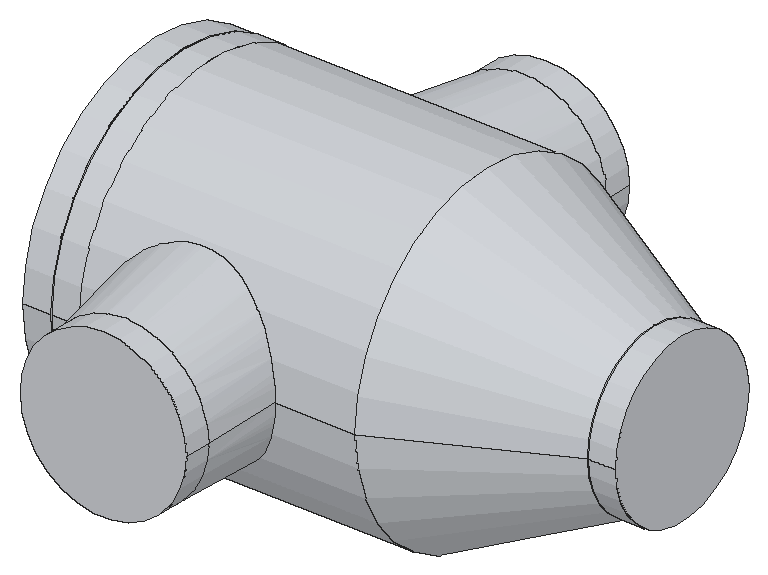
Revit family "M_Round Transition Low Loss Cross - 180 Degree - DTL", category Duct Fittings, Revit 2014
Parameters (values of type "Standard")
  Length 2 [instance] = if(Tap 2 Angle 1 < 90.00°, Tap 2 Base Center Radius / tan(Tap 2 Angle 1), if(Tap 2 Angle 1 = 90.00°, 0 mm, (Tap 2 Base Diameter - (Tap 2 Insertion Length 2 * sin(180.00° - Tap 2 Angle 1) + Tap 2 Radius)) / tan(180.00° - Tap 2 Angle 1)))  # 0 mm
  Length 1 [instance] = if(Tap 1 Angle 1 < 90.00°, Tap 1 Base Center Radius / tan(Tap 1 Angle 1), if(Tap 1 Angle 1 = 90.00°, 0 mm, (Tap 1 Base Diameter - (Tap 1 Insertion Length 2 * sin(180.00° - Tap 1 Angle 1) + Tap 1 Radius)) / tan(180.00° - Tap 1 Angle 1)))  # 0 mm
  Angle 2 [instance] = atan((Tap 2 Base Center Diameter - Tap 2 Base Diameter 1) / (Tap 2 Length 1 - Tap 2 Length))  # 11.3099°
  Angle 1 [instance] = atan((Tap 1 Base Center Diameter - Tap 1 Base Diameter 1) / (Tap 1 Length 1 - Tap 1 Length))  # 11.3099°
  Insertion Point Label [instance] = if(Tap 1 Insertion Length 1 > Tap 2 Insertion Length 1, (Tap 1 Insertion Length 1 - Tap 2 Insertion Length 1) / 2 + Tap 2 Insertion Length 1, (Tap 2 Insertion Length 1 - Tap 1 Insertion Length 1) / 2 + Tap 1 Insertion Length 1)  # 3353 mm
  Tap 2 Insertion Length 1 [instance] = Tap 2 Inset Label + Tap 2 Insertion Length 2 + Tap 2 Length 3 - 3048 mm + 3048 mm  # 3353 mm
  Tap 1 Insertion Length 1 [instance] = Tap 1 Inset Label + Tap 1 Insertion Length 2 + Tap 1 Length 3 - 3048 mm + 3048 mm  # 3353 mm
  Tap 2 Length [instance] = 150 mm
  Tap 2 Inset Label [instance] = 3048 mm + if(Tap 2 Angle 1 < 90.00°, Tap 2 Inset 1, if(Tap 2 Angle 1 = 90.00°, Tap 2 Inset 2, Tap 2 Inset 3))  # 3183 mm
  Tap 1 Inset Label [instance] = 3048 mm + if(Tap 1 Angle 1 < 90.00°, Tap 1 Inset 1, if(Tap 1 Angle 1 = 90.00°, Tap 1 Inset 2, Tap 1 Inset 3))  # 3183 mm
  Tap 2 Inset 3 [instance] = if(Tap 2 Angle 1 > 90.00°, (Tap 2 Base Diameter 1 - Tap 2 Base Center Radius) / sin(180.00° - Tap 2 Angle 1) + Body Radius 1 / tan(180.00° - Tap 2 Angle 1), 0 mm)  # 0 mm
  Tap 2 Inset 2 [instance] = if(Tap 2 Angle 1 = 90.00°, Tap 2 Base Diameter 1 - Tap 2 Base Center Radius, 0 mm)  # 135 mm
  Tap 2 Inset 1 [instance] = if(Tap 2 Angle 1 < 90.00°, Tap 2 Base Center Diameter / 2 * sin(Tap 2 Angle 1) + Tap 2 Base Center Diameter / 2 * cos(Tap 2 Angle 1) / tan(Tap 2 Angle 1 - Angle 2) - Body Radius 1 / tan(Tap 2 Angle 1 - Angle 2), 0 mm)  # 0 mm
  Tap 1 Inset 3 [instance] = if(Tap 1 Angle 1 > 90.00°, (Tap 1 Base Diameter 1 - Tap 1 Base Center Radius) / sin(180.00° - Tap 1 Angle 1) + Body Radius 1 / tan(180.00° - Tap 1 Angle 1), 0 mm)  # 0 mm
  Tap 1 Inset 2 [instance] = if(Tap 1 Angle 1 = 90.00°, Tap 1 Base Diameter 1 - Tap 1 Base Center Radius, 0 mm)  # 135 mm
  Tap 2 Inset [instance] = 25 mm
  Tap 2 Collar Length [instance] = 50 mm
  Tap 2 Insertion Length 2 [instance] = if(Tap 2 Angle 1 = 90.00°, Tap 2 Base Center Radius - Tap 2 Radius, abs(Tap 2 Horizontal Profile Offset) / sin(Tap 2 Angle 1))  # 45 mm
  Tap 2 Horizontal Profile Offset [instance] = -(Tap 2 Base Center Radius - Tap 2 Radius)  # -45 mm
  Tap 1 Horizontal Profile Offset [instance] = Tap 1 Base Center Radius - Tap 1 Radius  # 45 mm
  Tap 1 Inset 1 [instance] = if(Tap 1 Angle 1 < 90.00°, Tap 1 Base Center Diameter / 2 * sin(Tap 1 Angle 1) + Tap 1 Base Center Diameter / 2 * cos(Tap 1 Angle 1) / tan(Tap 1 Angle 1 - Angle 1) - Body Radius 1 / tan(Tap 1 Angle 1 - Angle 1), 0 mm)  # 0 mm
  Tap 2 Radius [instance] = 150 mm
  Tap 2 Offset From Center 1 [instance] = 3048 mm - Tap 2 Offset From Center  # 3048 mm
  Tap 2 Offset From Center [instance] = 0 mm
  Tap 2 Length 3 [instance] = Body Length 1 + Tap 2 Inset  # 125 mm
  Tap 2 Length 2 [instance] = Tap 2 Length 1 + Tap 2 Collar Length  # 500 mm
  Tap 2 Length 1 [instance] = Body Radius 1 / sin(Tap 2 Angle 1) + Tap 2 Length + Length 2  # 450 mm
  Tap 1 Length 3 [instance] = Body Length 1 + Tap 1 Inset  # 125 mm
  Tap 1 Inset [instance] = 25 mm
  Tap 1 Length 2 [instance] = Tap 1 Length 1 + Tap 1 Collar Length  # 500 mm
  Tap 1 Diameter 3 [instance] = if(Tap 1 Angle 1 > 90.00°, 2 * (Tap 1 Base Diameter 1 / 2 + (Tap 1 Base Diameter 1 - Tap 1 Diameter) * Body Radius 1 / (2 * sin(180.00° - Tap 1 Angle 1) * Tap 1 Length) + Tap 1 Base Diameter 1 * (Tap 1 Base Diameter 1 - Tap 1 Diameter) / (2 * tan(180.00° - Tap 1 Angle 1) * Tap 1 Length)) / (1 + (Tap 1 Base Diameter 1 - Tap 1 Diameter) / (2 * tan(180.00° - Tap 1 Angle 1) * Tap 1 Length)), 0 mm)  # 0 mm
  Tap 1 Diameter 2 [instance] = if(Tap 1 Angle 1 < 90.00°, 2 * (Tap 1 Base Diameter 1 / 2 + (Tap 1 Base Diameter 1 - Tap 1 Diameter) * Body Radius 1 / (2 * sin(Tap 1 Angle 1) * Tap 1 Length)) / (1 - (Tap 1 Base Diameter 1 - Tap 1 Diameter) / (2 * tan(Tap 1 Angle 1) * Tap 1 Length)), 0 mm)  # 0 mm
  Tap 1 Diameter 1 [instance] = if(Tap 1 Angle 1 = 90.00°, Body Radius 1 * tan(atan((Tap 1 Base Diameter 1 - Tap 1 Diameter) / Tap 1 Length)) + Tap 1 Base Diameter 1, 0 mm)  # 390 mm
  Tap 2 Diameter [instance] = Tap 2 Radius * 2  # 300 mm
  Tap 2 Diameter 3 [instance] = if(Tap 2 Angle 1 > 90.00°, 2 * (Tap 2 Base Diameter 1 / 2 + (Tap 2 Base Diameter 1 - Tap 2 Diameter) * Body Radius 1 / (2 * sin(180.00° - Tap 2 Angle 1) * Tap 2 Length) + Tap 2 Base Diameter 1 * (Tap 2 Base Diameter 1 - Tap 2 Diameter) / (2 * tan(180.00° - Tap 2 Angle 1) * Tap 2 Length)) / (1 + (Tap 2 Base Diameter 1 - Tap 2 Diameter) / (2 * tan(180.00° - Tap 2 Angle 1) * Tap 2 Length)), 0 mm)  # 0 mm
  Tap 2 Diameter 2 [instance] = if(Tap 2 Angle 1 < 90.00°, 2 * (Tap 2 Base Diameter 1 / 2 + (Tap 2 Base Diameter 1 - Tap 2 Diameter) * Body Radius 1 / (2 * sin(Tap 2 Angle 1) * Tap 2 Length)) / (1 - (Tap 2 Base Diameter 1 - Tap 2 Diameter) / (2 * tan(Tap 2 Angle 1) * Tap 2 Length)), 0 mm)  # 0 mm
  Tap 2 Diameter 1 [instance] = if(Tap 2 Angle 1 = 90.00°, Body Radius 1 * tan(atan((Tap 2 Base Diameter 1 - Tap 2 Diameter) / Tap 2 Length)) + Tap 2 Base Diameter 1, 0 mm)  # 390 mm
  Tap 2 Coarse Line Length [instance] = if(Tap 2 Angle 1 = 90.00°, Tap 2 Length 2, Tap 2 Length 2 - abs(Tap 2 Horizontal Profile Offset) / tan(Tap 2 Angle 1))  # 500 mm
  Body Radius 1 [instance] = if(Radius In > Radius Out, if(not(Body Radius < Radius In), Body Radius, Radius In), if(not(Body Radius < Radius Out), Body Radius, Radius Out))  # 300 mm
  Tap 1 Radius [instance] = 150 mm
  Radius Out [instance] = 150 mm
  Radius In [instance] = 300 mm
  Tap 1 Offset From Center 2 [instance] = if(Tap 1 Offset From Center = 0 mm, 1 mm, 1 mm)  # 1 mm
  Tap 1 Offset From Center 1 [instance] = 3048 mm - Tap 1 Offset From Center  # 3048 mm
  Tap 1 Offset From Center [instance] = 0 mm
  Body Length 2 [instance] = Collar Out + Length Out 1  # 350 mm
  Length Out 1 [instance] = if(Length Out = 0 mm, 2 mm, Length Out)  # 300 mm
  Body Length 1 [instance] = Collar In + Length In 1  # 100 mm
  Length In 1 [instance] = if(Length In = 0 mm, 2 mm, Length In)  # 50 mm
  Collar Out [instance] = 50 mm
  Length Out [instance] = 300 mm
  Collar In [instance] = 50 mm
  Length In [instance] = 50 mm
  Tap 1 Length 1 [instance] = Body Radius 1 / sin(Tap 1 Angle 1) + Tap 1 Length + Length 1  # 450 mm
  Tap 1 Length [instance] = 150 mm
  Body Length [instance] = 500 mm
  Tap 1 Diameter [instance] = Tap 1 Radius * 2  # 300 mm
  Diameter Out [instance] = Radius Out * 2  # 300 mm
  Diameter In [instance] = Radius In * 2  # 600 mm
  Tap 1 Insertion Length 2 [instance] = if(Tap 1 Angle 1 = 90.00°, Tap 1 Base Center Radius - Tap 1 Radius, Tap 1 Horizontal Profile Offset / sin(Tap 1 Angle 1))  # 45 mm
  Tap 1 Coarse Line Length [instance] = if(Tap 1 Angle 1 = 90.00°, Tap 1 Length 2, Tap 1 Length 2 - Tap 1 Horizontal Profile Offset / tan(Tap 1 Angle 1))  # 500 mm
  Tap 1 Collar Length [instance] = 50 mm
  Tap 2 Base Radius 1 [instance] = if(Tap 2 Base Radius > Tap 2 Radius, Tap 2 Base Radius, Tap 2 Radius + 25 mm)  # 165 mm
  Tap 1 Base Radius 1 [instance] = if(Tap 1 Base Radius > Tap 1 Radius, Tap 1 Base Radius, Tap 1 Radius + 25 mm)  # 165 mm
  Body Radius [instance] = 300 mm
  Body Diameter [instance] = Body Radius * 2  # 600 mm
  Tap 2 Base Radius [instance] = 165 mm
  Tap 1 Base Radius [instance] = 165 mm
  Tap 2 Base Diameter 1 [instance] = Tap 2 Base Radius 1 * 2  # 330 mm
  Tap 1 Base Diameter 1 [instance] = Tap 1 Base Radius 1 * 2  # 330 mm
  Tap 2 Base Diameter [instance] = Tap 2 Base Radius * 2  # 330 mm
  Tap 1 Base Diameter [instance] = Tap 1 Base Radius * 2  # 330 mm
  Tap 2 Base Center Radius [instance] = Tap 2 Base Center Diameter / 2  # 195 mm
  Tap 1 Base Center Radius [instance] = Tap 1 Base Center Diameter / 2  # 195 mm
  Tap 2 Base Center Diameter [instance] = if(Tap 2 Angle 1 < 90.00°, Tap 2 Diameter 2, if(Tap 2 Angle 1 = 90.00°, Tap 2 Diameter 1, abs(Tap 2 Diameter 3)))  # 390 mm
  Tap 1 Base Center Diameter [instance] = if(Tap 1 Angle 1 < 90.00°, abs(Tap 1 Diameter 2), if(Tap 1 Angle 1 = 90.00°, abs(Tap 1 Diameter 1), abs(Tap 1 Diameter 3)))  # 390 mm
  Tap 2 Angle 1 [instance] = 90.00°
  Tap 1 Angle 1 [instance] = 90.00°
Reference planes
  plane 1 "Center (Front/Back)": y = 0
  plane 2: z = 0
  plane 3 "Center (Left/Right)": x = 0
  plane 4: x = -205
  plane 5: x = 295
  plane 6: x = -255
  plane 7: x = -305
  plane 8: x = 595
  plane 9: x = 645
  plane 10: z = -3048
  plane 11: z = 0
  plane 12: z = -1
  plane 13: x = -45
  plane 14: x = -180
  plane 15: x = -3228
  plane 16: z = 0
  plane 17: z = 1
  plane 18: x = -45
  plane 19: x = -180
  plane 20: x = -3228
  plane 21 "Coarse Line 1": x = 0
  plane 22 "Coarse Line 2": x = 0
  plane 23: x = -3353
  plane 24: x = -254.008
  plane 25: x = 594.008
Forms (mm)
  Sweep 1, solid, detail levels medium+fine
    path in 3D
      loop
        line (-305, 0, 0) -> (-254.008, 0, 0)
    profile origin (-279.504, 0, 0) x (0, 1, 0) y (0, 0, 1)
      loop
        circle (0, 0) r 300
  Sweep 2, solid, detail levels medium+fine
    path in 3D
      loop
        line (-205, 0, 0) -> (295, 0, 0)
    profile origin (45, 0, 0) x (0, 1, 0) y (0, 0, 1)
      loop
        circle (0, 0) r 300
  Sweep 3, solid, detail levels medium+fine
    path in 3D
      loop
        line (594.008, 0, 0) -> (645, 0, 0)
    profile origin (619.504, 0, 0) x (0, 1, 0) y (0, 0, 1)
      loop
        circle (0, 0) r 150
  SweptBlend 4, solid, detail levels medium+fine
    path in 3D
      loop
        line (-45, 0, 0) -> (-45, -450, 0)
    profile "M_Duct - Round : Duct - Base Center Radius 3" origin (-45, 0, 0) x (1, 0, 0) y (0, 0, 1)
      loop
        circle (0, 0) r 195
    end profile "M_Duct - Round : Duct - Round 3" origin (-45, -450, 0) x (1, 0, 0) y (0, 0, 1)
      loop
        circle (45, 0) r 150
  Sweep 5, solid, detail levels medium+fine
    path in 3D
      loop
        line (-45, 0, 0) -> (-45, -500, 0)
    profile "M_Duct - Round : Duct - Round 3" origin (-45, -250, 0) x (1, 0, 0) y (0, 0, 1)
      loop
        circle (45, 0) r 150
  SweptBlend 6, solid, detail levels medium+fine
    path in 3D
      loop
        line (-45, 0, 0) -> (-45, 450, 0)
    profile "M_Duct - Round : Duct - Base Center Radius 4" origin (-45, 0, 0) x (-1, 0, 0) y (0, 0, 1)
      loop
        circle (0, 0) r 195
    end profile "M_Duct - Round : Duct - Round 4" origin (-45, 450, 0) x (-1, 0, 0) y (0, 0, 1)
      loop
        circle (-45, 0) r 150
  Sweep 7, solid, detail levels medium+fine
    path in 3D
      loop
        line (-45, 0, 0) -> (-45, 500, 0)
    profile "M_Duct - Round : Duct - Round 4" origin (-45, 250, 0) x (-1, 0, 0) y (0, 0, 1)
      loop
        circle (-45, 0) r 150
  Blend 8, solid, detail levels medium+fine
    base sketch origin (0, 0, 0) x (0, 1, 0) y (0, 0, 1)
      loop
        circle (0, 0) r 300
    top sketch origin (0, 0, 0) x (0, 1, 0) y (0, 0, 1)
      loop
        circle (0, 0) r 300
    from -255 to -205
  Blend 9, solid, detail levels medium+fine
    base sketch origin (0, 0, 0) x (0, 1, 0) y (0, 0, 1)
      loop
        circle (0, 0) r 150
    top sketch origin (0, 0, 0) x (0, 1, 0) y (0, 0, 1)
      loop
        circle (0, 0) r 300
    from 595 to 295
Cuts and joins
  joined: Sweep 2, SweptBlend 4, Sweep 5, SweptBlend 6, Sweep 7, Blend 8, Blend 9
Lines and regions (mm)
  reference lines
    curve 1: line (-305, 0, 0) -> (-254.008, 0, 0)
    curve 2: line (594.008, 0, 0) -> (645, 0, 0)
    curve 3: line (-205, 0, 0) -> (295, 0, 0)
    curve 7: line (-45, 0, 0) -> (-45, -450, 0)
    curve 9: line (-45, 0, 0) -> (-45, -500, 0)
    curve 12: line (-45, 0, 0) -> (-45, 450, 0)
    curve 15: line (-45, 0, 0) -> (-45, 500, 0)
  sketch lines
    curve 4: line (-305, 0, 0) -> (-254.008, 0, 0)
    curve 5: line (-205, 0, 0) -> (295, 0, 0)
    curve 6: line (594.008, 0, 0) -> (645, 0, 0)
    curve 8: line (-45, 0, 0) -> (-45, -450, 0)
    curve 10: line (-45, 0, 0) -> (-45, -500, 0)
    curve 13: line (-45, 0, 0) -> (-45, 450, 0)
    curve 16: line (-45, 0, 0) -> (-45, 500, 0)
  model lines, detail levels coarse
    curve 11: line (-305, 0, 0) -> (645, 0, 0)
    curve 14: line (0, 0, 0) -> (0, 500, 0)
    curve 17: line (0, 0, 0) -> (0, -500, 0)
    curve 18: line (0, 0, 0) -> (0, 0, -1)
    curve 19: line (0, 0, 1) -> (0, 0, 0)
Dimensions and locks
  "Body Length": plane 4 to plane 5
  "Length In 1": plane 6 to plane 4
  "Body Length 1": plane 7 to plane 4
  "Length Out 1": plane 5 to plane 8
  "Body Length 2": plane 5 to plane 9
  locked: plane 2 to plane 10 at 3048
  "Tap 1 Offset From Center 1": plane 11 to plane 10
  "Tap 1 Offset From Center 2": plane 11 to plane 12
  "Tap 1 Length 1": curve 7 to curve 7
  "Tap 1 Length 3": plane 7 to plane 14
  locked: plane 15 to plane 14 at 3048
  "Tap 1 Inset Label": plane 15 to plane 13
  "Tap 1 Length 2": curve 9 to curve 9
  "Tap 1 Offset From Center 2": plane 17 to plane 16
  "Tap 2 Offset From Center 1": plane 16 to plane 10
  "Tap 2 Length 1": curve 12 to curve 12
  "Tap 2 Length 3": plane 7 to plane 19
  locked: plane 20 to plane 19 at 3048
  "Tap 2 Inset Label": plane 20 to plane 18
  "Tap 1 Insertion Length 2": plane 13 to plane 21 "Coarse Line 1"
  "Tap 2 Insertion Length 2": plane 18 to plane 22 "Coarse Line 2"
  "Tap 2 Coarse Line Length": curve 14 to curve 14
  "Tap 2 Length 2": curve 15 to curve 15
  locked: plane 23 to plane 7 at 3048
  "Insertion Point Label": plane 23 to plane 3 "Center (Left/Right)"
  "Tap 1 Coarse Line Length": curve 17 to curve 17
  locked: plane 6 to plane 24 at 0.992
  locked: plane 25 to plane 8 at 0.992
  "Radius In": radius of Sweep 1 sketch curve
  "Body Radius 1": radius of Sweep 2 sketch curve
  "Radius Out": radius of Sweep 3 sketch curve
  "Radius In": radius of Blend 8 sketch curve
  "Body Radius 1": radius of Blend 8 sketch curve
  "Radius Out": radius of Blend 9 sketch curve
  "Body Radius 1": radius of Blend 9 sketch curve
  "Tap 1 Angle 1": angle curve 7 to plane 1 "Center (Front/Back)"
  "Tap 1 Angle 1": angle curve 9 to plane 1 "Center (Front/Back)"
  "Tap 2 Angle 1": angle plane 1 "Center (Front/Back)" to curve 12
  "Tap 2 Angle 1": angle plane 1 "Center (Front/Back)" to curve 14
  "Tap 2 Angle 1": angle plane 1 "Center (Front/Back)" to curve 15
  "Tap 1 Angle 1": angle curve 17 to plane 1 "Center (Front/Back)"
  aligned and locked: plane 7 to curve 1
  aligned and locked: plane 1 "Center (Front/Back)" to curve 1
  aligned and locked: plane 9 to curve 2
  aligned and locked: plane 1 "Center (Front/Back)" to curve 2
  aligned and locked: plane 5 to curve 3
  aligned and locked: plane 1 "Center (Front/Back)" to curve 3
  aligned and locked: plane 1 "Center (Front/Back)" to curve 7
  aligned and locked: plane 13 to curve 9
  aligned and locked: plane 9 to curve 11
  aligned and locked: plane 7 to curve 11
  aligned and locked: plane 1 "Center (Front/Back)" to curve 11
  aligned and locked: plane 1 "Center (Front/Back)" to curve 12
  aligned and locked: plane 18 to curve 12
  aligned and locked: plane 22 "Coarse Line 2" to curve 14
  aligned and locked: plane 1 "Center (Front/Back)" to curve 14
  aligned and locked: plane 21 "Coarse Line 1" to curve 17
  aligned and locked: plane 1 "Center (Front/Back)" to curve 17
  aligned and locked: plane 12 to curve 18
  aligned and locked: plane 2 to curve 18
  aligned and locked: curve 18 to plane 1 "Center (Front/Back)"
  aligned and locked: plane 2 to curve 19
  aligned and locked: plane 17 to curve 19
  aligned and locked: curve 19 to plane 1 "Center (Front/Back)"
  aligned and locked: Blend 8 to plane 6
  aligned and locked: plane 4 to Blend 8
  aligned and locked: plane 8 to Blend 9
  aligned and locked: Blend 9 to plane 5
  aligned and locked: plane 24 to curve 1
  aligned and locked: plane 25 to curve 2
Automatic sketch dimensions
  Sweep 1 sketch curve to profile plane = 0 mm  (x2)
  Sweep 2 sketch curve to profile plane = 0 mm  (x2)
  Sweep 3 sketch curve to profile plane = 0 mm  (x2)
  Blend 8 sketch curve to level = 0 mm  (x2)
  Blend 8 sketch curve to plane 1 "Center (Front/Back)" = 0 mm  (x2)
  Blend 9 sketch curve to level = 0 mm  (x2)
  Blend 9 sketch curve to plane 1 "Center (Front/Back)" = 0 mm  (x2)
  curve 3 to plane 4 = 0 mm
Connectors
  hvac at (-305, 0, 0), driven by "Radius In"
    settings: on Sweep 1, index 1, duct flow 0.0 L/s, flow factor 0, pres drop 0.0 Pa, loss coef 0, conn angle 0.00°, conn width 304.8 mm, conn height 304.8 mm, conn diameter 600 mm, duct sys type 28, conn prof type 0, flow config 0, flow direction 0, loss method 0, conn ref index 2, conn util no, is conn primary yes, conn desc ""
  hvac at (645, 0, 0), driven by "Radius Out"
    settings: on Sweep 3, index 2, duct flow 0.0 L/s, flow factor 0, pres drop 0.0 Pa, loss coef 0, conn angle 0.00°, conn width 304.8 mm, conn height 304.8 mm, conn diameter 300 mm, duct sys type 28, conn prof type 0, flow config 0, flow direction 0, loss method 0, conn ref index 1, conn util no, is conn primary no, conn desc ""
  hvac at (0, -500, 0), driven by "Tap 1 Radius", driven by "Tap 1 Angle 1"
    settings: on cut or joined group of Sweep 2, SweptBlend 4, Sweep 5, SweptBlend 6, Sweep 7, Blend 8, Blend 9, index 3, duct flow 0.0 L/s, flow factor 0, pres drop 0.0 Pa, loss coef 0, conn angle 90.00°, conn width 304.8 mm, conn height 304.8 mm, conn diameter 300 mm, duct sys type 28, conn prof type 0, flow config 0, flow direction 0, loss method 0, conn ref index 4, conn util no, is conn primary no, conn desc ""
  hvac at (0, 500, 0), driven by "Tap 2 Radius", driven by "Tap 2 Angle 1"
    settings: on cut or joined group of Sweep 2, SweptBlend 4, Sweep 5, SweptBlend 6, Sweep 7, Blend 8, Blend 9, index 4, duct flow 0.0 L/s, flow factor 0, pres drop 0.0 Pa, loss coef 0, conn angle 90.00°, conn width 304.8 mm, conn height 304.8 mm, conn diameter 300 mm, duct sys type 28, conn prof type 0, flow config 0, flow direction 0, loss method 0, conn ref index 3, conn util no, is conn primary no, conn desc ""
